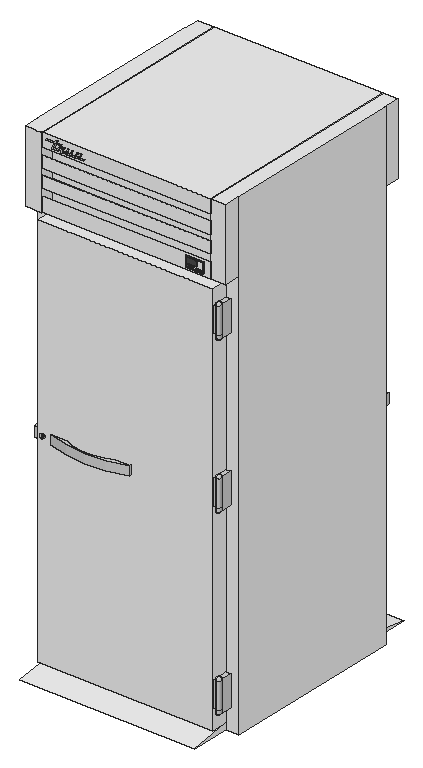
Revit family
Parameters
  Weight in Pounds = 0
  Watts = Volts * FL Amps  # 1023.5 W
  Volts = 115 V
  URL Cutsheet = "www.truemfg.com"
  URL = "www.truemfg.com"
  Type Mark [instance] = ""
  Type Comments = ""
  Status [instance] = ""
  Specification by User [instance] = ""
  Specification by Manufacturer = ""
  Show Logo [instance] = yes
  Show Clearance [instance] = yes
  Serial Number = ""
  Seismic Rating = ""
  SMACNA No = ""
  Revision Code [instance] = ""
  Phase = 1
  Omniclass Number and Title = ""
  Number of Poles [instance] = 1
  NAFEM Spec ID Number = ""
  Model = "STG1RRT-1S-1S"
  Min Ckt Ampacity = 0 A
  Max Overcurrent Protection = 0 A
  Masterspec = ""
  Manufacturer = "TRUE FOOD SERVICE EQUIPMENT, INC."
  Length = 35"
  Item Number [instance] = ""
  Installed By [instance] = ""
  Identify Quantity as Lot [instance] = yes
  Height = 83 3/4"
  HP = "1/3"
  Furnished By [instance] = ""
  Foodservice Equipment Identifier [instance] = yes
  FL Amps = 8.9 A
  Electrical Remarks [instance] = ""
  Electric Connection Type [instance] = ""
  Elec Conn RI Height [instance] = 0"
  Elec Conn Connection Height [instance] = 0"
  Description = "Roll-thru Solid Swing Door Refrigerator"
  Depth = 37 1/2"
  Cycle = 60 Hz
  Conn Plug = "5-15P"
  Conn Conduit = yes
  CSI MasterFormat = ""
  CSI Master Format = ""
  Apparent Power = if(Phase = 3, Volts * FL Amps * 1.73, Volts * FL Amps)  # 1023.5 VA
Reference planes (in)
  plane 1 "BACK": y = 0
  plane 2: z = 0
  plane 3 "LEFT": x = 0
  plane 4 "RIGHT": x = 35
  plane 5 "FRONT": y = -37.5
  plane 6 "TOP": z = 83.75
  plane 7: x = 2.84375
  plane 8: y = -37.4542
  plane 9: x = 32.15625
  plane 10: y = -0.0458
  plane 11: y = -18.75
  plane 12: z = 69.90625
Forms (in)
  Extrusion 1, solid, material "QF_Finishes_Chrome - Satin"
    sketch origin (0.05, 0, 0) x (1, 0, 0) y (0, 1, 0)
      loop
        line (-0.05, -2.75) -> (-0.05, -34.75) -> (2.87859, -34.75) -> (2.87859, -2.75) -> (-0.05, -2.75)
    from 0 to 83.75
  Extrusion 2, solid, material "QF_Finishes_Chrome - Satin"
    sketch origin (50.15, 0, 0) x (1, 0, 0) y (0, 1, 0)
      loop
        line (-17.85, -2.75) -> (-17.85, -34.75) -> (-15.15, -34.75) -> (-15.15, -2.75) -> (-17.85, -2.75)
    from 0 to 83.75
  Extrusion 3, solid, material "QF_Finishes_Chrome - Satin"
    sketch origin (0, 0, 0) x (0, 1, 0) y (0, 0, 1)
      loop
        line (-37.4542, 71.28125) -> (-34.75, 71.28125) -> (-34.75, 0) -> (-2.75, 0) -> (-2.75, 71.28125) -> (-0.0458, 71.28125) -> (-0.0458, 73.81726) -> (-2.25, 72.25) -> (-2.25, 73.52557) -> (-0.0458, 75.09284) -> (-0.0458, 77.18904) -> (-2.25, 75.62178) -> (-2.25, 76.58254) -> (-0.0458, 78.1498) -> (-0.0458, 80.28351) -> (-2.25, 78.71625) -> (-2.25, 79.83852) -> (-0.0458, 81.40578) -> (-0.0458, 83.75) -> (-37.4542, 83.75) -> (-37.4542, 81.40578) -> (-35.25, 79.83852) -> (-35.25, 78.71625) -> (-37.4542, 80.28351) -> (-37.4542, 78.1498) -> (-35.25, 76.58254) -> (-35.25, 75.62178) -> (-37.4542, 77.18904) -> (-37.4542, 75.09284) -> (-35.25, 73.52557) -> (-35.25, 72.25) -> (-37.4542, 73.81726) -> (-37.4542, 71.28125)
    from 2.92859 to 32.3
  Extrusion 4, solid, material "QF_Finishes_Chrome - Satin"
    sketch origin (0, 0, 0) x (1, 0, 0) y (0, 1, 0)
      loop
        line (34.84782, -34.75) -> (32.3, -34.75) -> (32.3, -37.5) -> (34.84782, -37.5) -> (34.84782, -34.75)
      loop
        line (34.84782, -2.75) -> (34.84782, 0) -> (32.3, 0) -> (32.3, -2.75) -> (34.84782, -2.75)
    from 71.28125 to 83.75
  Extrusion 5, solid, material "QF_Finishes_Chrome - Satin"
    sketch origin (-50.125, 0, 0.25) x (1, 0, 0) y (0, 1, 0)
      loop
        line (53.05359, -34.75) -> (50.24109, -34.75) -> (50.24109, -37.5) -> (53.05359, -37.5) -> (53.05359, -34.75)
      loop
        line (53.05359, -2.75) -> (53.05359, 0) -> (50.24109, 0) -> (50.24109, -2.75) -> (53.05359, -2.75)
    from 71.03125 to 83.5
  Extrusion 6, solid, material "QF_Finishes_Chrome - Satin"
    sketch origin (-24.96875, -3.75, -0.71875) x (1, 0, 0) y (0, 0, 1)
      loop
        line (27.25, 1.71875) -> (57.65625, 1.71875) -> (57.65625, 70.625) -> (27.25, 70.625) -> (27.25, 1.71875)
    from 31 to 33.75
  Extrusion 7, solid, material "QF_Finishes_Handrails and Railings"
    sketch origin (58.625, -0.25, 24.93519) x (1, 0, 0) y (0, 1, 0)
      loop
        line (-53.875, -37.25) -> (-53.875, -37.45)
        arc (-53.875, -37.45) -> (-47.075, -38.65633) -> (-40.275, -37.45) r 19.7687
        line (-40.275, -37.45) -> (-40.275, -37.25) -> (-42.675, -37.25)
        arc (-42.675, -37.25) -> (-47.075, -38.40816) -> (-51.475, -37.25) r 8.93713
        line (-51.475, -37.25) -> (-53.875, -37.25)
    from 10.87731 to 12.37731
  Extrusion 8, solid, material "QF_Finishes_Handrails and Railings"
    sketch origin (-23.375, -3.83467, -3.5) x (1, 0, 0) y (0, 0, 1)
      loop
        circle (26.4375, 40.0625) r 0.35
      loop
        line (26.47265, 40.33635) -> (26.41715, 40.33635) -> (26.41715, 39.76895) -> (26.47265, 39.76895) -> (26.47265, 40.33635)
    from 33.5 to 33.83066
  Extrusion 9, solid, material "QF_Finishes_Handrails and Railings", visible <- "Show Logo"
    sketch origin (0.33478, -2.68623, 4.98732) x (1, 0, 0) y (0, 0, 1)
      loop
        line (3.46044, 78.08731) -> (3.35478, 77.86073) -> (4.76027, 77.86073)
        arc (4.76027, 77.86073) -> (4.78879, 77.81028) -> (4.76027, 77.75984) r 0.05887
        line (4.76027, 77.75984) -> (4.39369, 76.97372)
        arc (4.39369, 76.97372) -> (4.39051, 76.90091) -> (4.43975, 76.84717) r 0.09523
        line (4.43975, 76.84717) -> (5.33844, 76.84717)
        arc (5.33844, 76.84717) -> (5.45192, 76.88295) -> (5.52436, 76.97735) r 0.19785
        line (5.52436, 76.97735) -> (5.81285, 77.59601) -> (6.0779, 77.59601)
        arc (6.0779, 77.59601) -> (6.14744, 77.57043) -> (6.13737, 77.49703) r 0.05911
        line (6.13737, 77.49703) -> (5.89598, 76.97937)
        arc (5.89598, 76.97937) -> (5.89974, 76.8934) -> (5.97231, 76.84717) r 0.09318
        line (5.97231, 76.84717) -> (6.76198, 76.84717)
        arc (6.76198, 76.84717) -> (6.82249, 76.86919) -> (6.85468, 76.92495) r 0.09412
        arc (6.85468, 76.92495) -> (6.87746, 76.86995) -> (6.93246, 76.84717) r 0.07778
        line (6.93246, 76.84717) -> (7.43246, 76.84717)
        arc (7.43246, 76.84717) -> (7.49022, 76.86265) -> (7.53251, 76.90493) r 0.11552
        arc (7.53251, 76.90493) -> (7.55275, 76.85606) -> (7.60162, 76.83581) r 0.06912
        line (7.60162, 76.83581) -> (8.31225, 76.83581)
        arc (8.31225, 76.83581) -> (8.37034, 76.85988) -> (8.39441, 76.91797) r 0.08216
        arc (8.39441, 76.91797) -> (8.44767, 76.86472) -> (8.52042, 76.84522) r 0.14551
        line (8.52042, 76.84522) -> (9.85158, 76.84522) -> (9.99946, 77.10134) -> (8.65678, 77.10134)
        arc (8.65678, 77.10134) -> (8.61972, 77.12704) -> (8.61834, 77.17211) r 0.05009
        line (8.61834, 77.17211) -> (8.64157, 77.22192)
        arc (8.64157, 77.22192) -> (8.67723, 77.26864) -> (8.73327, 77.28635) r 0.09747
        line (8.73327, 77.28635) -> (9.16485, 77.28635)
        arc (9.16485, 77.28635) -> (9.258, 77.31131) -> (9.32619, 77.3795) r 0.1863
        line (9.32619, 77.3795) -> (9.45119, 77.59601)
        arc (9.45119, 77.59601) -> (9.45119, 77.71157) -> (9.35111, 77.76934) r 0.11556
        line (9.35111, 77.76934) -> (8.89562, 77.76934)
        arc (8.89562, 77.76934) -> (8.7795, 77.74962) -> (8.69849, 77.66412) r 0.18605
        line (8.69849, 77.66412) -> (8.48204, 77.19993)
        arc (8.48204, 77.19993) -> (8.41815, 77.11667) -> (8.31806, 77.08511) r 0.1745
        line (8.31806, 77.08511) -> (7.84559, 77.08511)
        arc (7.84559, 77.08511) -> (7.78903, 77.14684) -> (7.79268, 77.23048) r 0.10939
        line (7.79268, 77.23048) -> (8.04395, 77.76934) -> (7.88403, 77.76934) -> (7.61781, 77.19844)
        arc (7.61781, 77.19844) -> (7.56609, 77.13103) -> (7.48505, 77.10548) r 0.14128
        line (7.48505, 77.10548) -> (7.15925, 77.10548)
        arc (7.15925, 77.10548) -> (7.10419, 77.17723) -> (7.116, 77.26689) r 0.11816
        line (7.116, 77.26689) -> (7.3503, 77.76934) -> (7.18514, 77.76934) -> (6.91546, 77.191)
        arc (6.91546, 77.191) -> (6.85285, 77.12839) -> (6.76733, 77.10548) r 0.17104
        line (6.76733, 77.10548) -> (6.29555, 77.10548)
        arc (6.29555, 77.10548) -> (6.21082, 77.14499) -> (6.20267, 77.23813) r 0.0935
        line (6.20267, 77.23813) -> (6.35774, 77.57069) -> (6.57695, 77.57069)
        arc (6.57695, 77.57069) -> (6.61395, 77.68217) -> (6.69267, 77.76934) r 0.2857
        line (6.69267, 77.76934) -> (5.83605, 77.76934)
        arc (5.83605, 77.76934) -> (5.74086, 77.74824) -> (5.67498, 77.67635) r 0.16212
        line (5.67498, 77.67635) -> (5.44279, 77.17841)
        arc (5.44279, 77.17841) -> (5.3894, 77.12502) -> (5.31647, 77.10548) r 0.14586
        line (5.31647, 77.10548) -> (4.80506, 77.10548)
        arc (4.80506, 77.10548) -> (4.76514, 77.15942) -> (4.77274, 77.22609) r 0.09155
        line (4.77274, 77.22609) -> (5.11018, 77.86073) -> (5.96155, 77.86073) -> (6.06721, 78.08731) -> (5.21584, 78.08731) -> (5.32149, 78.31388) -> (5.01862, 78.31388) -> (4.91297, 78.08731) -> (3.46044, 78.08731)
      loop
        arc (8.83805, 77.56363) -> (8.80119, 77.55375) -> (8.7742, 77.52676) r 0.07373
        line (8.7742, 77.52676) -> (8.75229, 77.45936)
        arc (8.75229, 77.45936) -> (8.76245, 77.43483) -> (8.78699, 77.42466) r 0.0347
        line (8.78699, 77.42466) -> (9.15948, 77.42466)
        arc (9.15948, 77.42466) -> (9.18632, 77.43061) -> (9.20812, 77.44734) r 0.0635
        line (9.20812, 77.44734) -> (9.22624, 77.53122)
        arc (9.22624, 77.53122) -> (9.22091, 77.55368) -> (9.20009, 77.56363) r 0.02676
        line (9.20009, 77.56363) -> (8.83805, 77.56363)
    from 34.76797 to 34.83173
  Extrusion 10, solid, material "QF_Finishes_White"
    sketch origin (-22.74812, -2.7042, -7.97497) x (1, 0, 0) y (0, 0, 1)
      loop
        line (50.81732, 81.35727) -> (50.81732, 79.60996) -> (53.72357, 79.60996) -> (53.72357, 81.35727) -> (50.81732, 81.35727)
    from 34.75 to 34.76797
  Extrusion 11, solid, material "QF_Finishes_Black"
    sketch origin (-22.74812, -2.7042, -7.97497) x (1, 0, 0) y (0, 0, 1)
      loop
        line (53.78607, 81.41977) -> (50.75482, 81.41977) -> (50.75482, 79.54746) -> (53.78607, 79.54746) -> (53.78607, 81.41977)
      loop
        spline (50.95482, 79.87872) -> (50.96333, 79.86254) -> (50.98831, 79.84747) -> (51.02804, 79.83452) -> (51.07982, 79.82459) -> (51.14011, 79.81835) -> (51.20482, 79.81622) -> (51.26952, 79.81835) -> (51.32982, 79.82459) -> (51.38159, 79.83452) -> (51.42132, 79.84747) -> (51.4463, 79.86254) -> (51.45482, 79.87872)
        spline (51.45482, 79.87872) -> (51.4463, 79.89489) -> (51.42132, 79.90997) -> (51.38159, 79.92291) -> (51.32982, 79.93284) -> (51.26952, 79.93909) -> (51.20482, 79.94122) -> (51.14011, 79.93909) -> (51.07982, 79.93284) -> (51.02804, 79.92291) -> (50.98831, 79.90997) -> (50.96333, 79.89489) -> (50.95482, 79.87872)
      loop
        spline (51.65083, 79.87872) -> (51.65935, 79.86254) -> (51.68432, 79.84747) -> (51.72405, 79.83452) -> (51.77583, 79.82459) -> (51.83612, 79.81835) -> (51.90083, 79.81622) -> (51.96553, 79.81835) -> (52.02583, 79.82459) -> (52.07761, 79.83452) -> (52.11734, 79.84747) -> (52.14231, 79.86254) -> (52.15083, 79.87872)
        spline (52.15083, 79.87872) -> (52.14231, 79.89489) -> (52.11734, 79.90997) -> (52.07761, 79.92291) -> (52.02583, 79.93284) -> (51.96553, 79.93909) -> (51.90083, 79.94122) -> (51.83612, 79.93909) -> (51.77583, 79.93284) -> (51.72405, 79.92291) -> (51.68432, 79.90997) -> (51.65935, 79.89489) -> (51.65083, 79.87872)
      loop
        spline (52.40083, 79.87872) -> (52.40935, 79.86254) -> (52.43432, 79.84747) -> (52.47405, 79.83452) -> (52.52583, 79.82459) -> (52.58612, 79.81835) -> (52.65083, 79.81622) -> (52.71553, 79.81835) -> (52.77583, 79.82459) -> (52.82761, 79.83452) -> (52.86734, 79.84747) -> (52.89231, 79.86254) -> (52.90083, 79.87872)
        spline (52.90083, 79.87872) -> (52.89231, 79.89489) -> (52.86734, 79.90997) -> (52.82761, 79.92291) -> (52.77583, 79.93284) -> (52.71553, 79.93909) -> (52.65083, 79.94122) -> (52.58612, 79.93909) -> (52.52583, 79.93284) -> (52.47405, 79.92291) -> (52.43432, 79.90997) -> (52.40935, 79.89489) -> (52.40083, 79.87872)
      loop
        line (50.95481, 81.21978) -> (50.95481, 80.21978) -> (52.65433, 80.21978) -> (52.65433, 81.21978) -> (50.95481, 81.21978)
      loop
        line (53.72357, 81.35727) -> (50.81732, 81.35727) -> (50.81732, 79.60996) -> (53.72357, 79.60996) -> (53.72357, 81.35727)
      loop
        spline (53.15083, 79.87872) -> (53.15935, 79.86254) -> (53.18432, 79.84747) -> (53.22405, 79.83452) -> (53.27583, 79.82459) -> (53.33612, 79.81835) -> (53.40083, 79.81622) -> (53.46553, 79.81835) -> (53.52583, 79.82459) -> (53.57761, 79.83452) -> (53.61734, 79.84747) -> (53.64231, 79.86254) -> (53.65083, 79.87872)
        spline (53.65083, 79.87872) -> (53.64231, 79.89489) -> (53.61734, 79.90997) -> (53.57761, 79.92291) -> (53.52583, 79.93284) -> (53.46553, 79.93909) -> (53.40083, 79.94122) -> (53.33612, 79.93909) -> (53.27583, 79.93284) -> (53.22405, 79.92291) -> (53.18432, 79.90997) -> (53.15935, 79.89489) -> (53.15083, 79.87872)
    from 34.76797 to 34.80335
  Extrusion 12, solid
    sketch origin (-25.125, 0, 0) x (1, 0, 0) y (0, 0, 1)
      loop
        circle (56.875, 81.625) r 0.25
    from 0 to 0.0625
  Blend 13, solid, material "QF_Finishes_Handrails and Railings"
    base sketch origin (27.53125, -3.75, -1.5) x (-1, 0, 0) y (0, 0, -1)
      loop
        line (25.25, -38.99169) -> (26, -38.99169) -> (26, -37.24169) -> (25.25, -37.24169) -> (25.25, -38.99169)
    top sketch origin (27.53125, 0, -1.5) x (-1, 0, 0) y (0, 0, -1)
      loop
        line (26.18223, -36.6441) -> (25.25, -36.6441) -> (25.25, -39.42643) -> (26.18223, -39.42643) -> (26.18223, -36.6441)
    from 33.57883 to 34.75
  Extrusion 14, solid, material "QF_Finishes_Handrails and Railings"
    sketch origin (33.78125, 0, 3.25) x (0, 1, 0) y (0, 0, -1)
      loop
        line (-34.75, -64.17729) -> (-34.75, -58.86127) -> (-37, -58.86127) -> (-37, -59.57348) -> (-36.56497, -59.57348) -> (-36.56497, -63.97276)
        arc (-36.56497, -63.97276) -> (-36.50506, -64.11738) -> (-36.36044, -64.17729) r 0.20453
        line (-36.36044, -64.17729) -> (-34.75, -64.17729)
    from 0.17506 to 1
  Revolve 15, solid, material "QF_Finishes_Handrails and Railings"
    sketch origin (33.28125, 0, 3.25) x (0, 1, 0) y (0, 0, -1)
      loop
        line (-37.01563, -59.62689) -> (-37.42229, -59.62689) -> (-37.42229, -64.0986)
        arc (-37.42229, -64.0986) -> (-37.28722, -64.35057) -> (-37.01563, -64.43983) r 0.3848
        line (-37.01563, -64.43983) -> (-37.01563, -59.62689)
      loop
        line (-37.01563, -59.57348) -> (-37.01563, -58.67281)
        arc (-37.01563, -58.67281) -> (-37.28264, -58.75883) -> (-37.42229, -59.00212) r 0.38884
        line (-37.42229, -59.00212) -> (-37.42229, -59.57348) -> (-37.01563, -59.57348)
      axis (-37.01563, -58.67281) -> (-37.01563, -64.43983)
    angle from 0 to 360
  Extrusion 16, solid, material "QF_Finishes_Handrails and Railings"
    sketch origin (27.5, -3.82734, 3.2511) x (-1, 0, 0) y (0, 0, -1)
      loop
        line (-5.58509, -64.0986) -> (-5.1875, -64.0986) -> (-5.1875, -59.62579) -> (-5.58509, -59.62579) -> (-5.58509, -64.0986)
    from 32.81497 to 33.59495
  Extrusion 17, solid, material "QF_Finishes_Handrails and Railings"
    sketch origin (33.78125, 0, -24) x (0, 1, 0) y (0, 0, -1)
      loop
        line (-34.75, -64.55229) -> (-34.75, -59.23627) -> (-37, -59.23627) -> (-37, -59.94848) -> (-36.56497, -59.94848) -> (-36.56497, -64.34776)
        arc (-36.56497, -64.34776) -> (-36.50506, -64.49238) -> (-36.36044, -64.55229) r 0.20453
        line (-36.36044, -64.55229) -> (-34.75, -64.55229)
    from 0.17506 to 1
  Revolve 18, solid, material "QF_Finishes_Handrails and Railings"
    sketch origin (33.28125, 0, -24) x (0, 1, 0) y (0, 0, -1)
      loop
        line (-37.01563, -60.00189) -> (-37.42229, -60.00189) -> (-37.42229, -64.4736)
        arc (-37.42229, -64.4736) -> (-37.28722, -64.72557) -> (-37.01563, -64.81483) r 0.3848
        line (-37.01563, -64.81483) -> (-37.01563, -60.00189)
      loop
        line (-37.01563, -59.94848) -> (-37.01563, -59.04781)
        arc (-37.01563, -59.04781) -> (-37.28264, -59.13383) -> (-37.42229, -59.37712) r 0.38884
        line (-37.42229, -59.37712) -> (-37.42229, -59.94848) -> (-37.01563, -59.94848)
      axis (-37.01563, -59.04781) -> (-37.01563, -64.81483)
    angle from 0 to 360
  Extrusion 19, solid, material "QF_Finishes_Handrails and Railings"
    sketch origin (27.5, -3.82734, -23.9989) x (-1, 0, 0) y (0, 0, -1)
      loop
        line (-5.58509, -64.4736) -> (-5.1875, -64.4736) -> (-5.1875, -60.00079) -> (-5.58509, -60.00079) -> (-5.58509, -64.4736)
    from 32.81497 to 33.59495
  Extrusion 20, solid, material "QF_Finishes_Handrails and Railings"
    sketch origin (33.78125, 0, -55.5) x (0, 1, 0) y (0, 0, -1)
      loop
        line (-34.75, -64.55229) -> (-34.75, -59.23627) -> (-37, -59.23627) -> (-37, -59.94848) -> (-36.56497, -59.94848) -> (-36.56497, -64.34776)
        arc (-36.56497, -64.34776) -> (-36.50506, -64.49238) -> (-36.36044, -64.55229) r 0.20453
        line (-36.36044, -64.55229) -> (-34.75, -64.55229)
    from 0.17506 to 1
  Revolve 21, solid, material "QF_Finishes_Handrails and Railings"
    sketch origin (33.28125, 0, -55.5) x (0, 1, 0) y (0, 0, -1)
      loop
        line (-37.01563, -60.00189) -> (-37.42229, -60.00189) -> (-37.42229, -64.4736)
        arc (-37.42229, -64.4736) -> (-37.28722, -64.72557) -> (-37.01563, -64.81483) r 0.3848
        line (-37.01563, -64.81483) -> (-37.01563, -60.00189)
      loop
        line (-37.01563, -59.94848) -> (-37.01563, -59.04781)
        arc (-37.01563, -59.04781) -> (-37.28264, -59.13383) -> (-37.42229, -59.37712) r 0.38884
        line (-37.42229, -59.37712) -> (-37.42229, -59.94848) -> (-37.01563, -59.94848)
      axis (-37.01563, -59.04781) -> (-37.01563, -64.81483)
    angle from 0 to 360
  Extrusion 22, solid, material "QF_Finishes_Handrails and Railings"
    sketch origin (27.5, -3.82734, -55.4989) x (-1, 0, 0) y (0, 0, -1)
      loop
        line (-5.58509, -64.4736) -> (-5.1875, -64.4736) -> (-5.1875, -60.00079) -> (-5.58509, -60.00079) -> (-5.58509, -64.4736)
    from 32.81497 to 33.59495
  Extrusion 23, solid, material "QF_Finishes_Door Clearance", visible <- "Show Clearance", detail levels coarse
    sketch origin (26.42841, -3.6098, 0) x (1, 0, 0) y (0, 1, 0)
      loop
        line (6.32159, -33.8902) -> (-24.14716, -33.8902)
        arc (-24.14716, -33.8902) -> (-15.22307, -55.43486) -> (6.32159, -64.35895) r 30.46875
        line (6.32159, -64.35895) -> (6.32159, -33.8902)
    from 1 to 69.90625
  Extrusion 24, solid, material "QF_Finishes_Chrome - Satin"
    sketch origin (32.6875, -3.75, 8.03125) x (0, 0, 1) y (0, -1, 0)
      loop
        line (-8.03125, 37.6875) -> (-8.03125, 31) -> (-7.03125, 31) -> (-8.03125, 37.6875)
    from 0 to -30.40625
  Extrusion 25, solid, material "QF_Finishes_Chrome - Satin"
    sketch origin (59.96875, -33.75, -0.71875) x (-1, 0, 0) y (0, 0, 1)
      loop
        line (27.25, 1.71875) -> (57.65625, 1.71875) -> (57.65625, 70.625) -> (27.25, 70.625) -> (27.25, 1.71875)
    from 31 to 33.75
  Extrusion 26, solid, material "QF_Finishes_Handrails and Railings"
    sketch origin (-23.625, -37.25, 24.93519) x (-1, 0, 0) y (0, -1, 0)
      loop
        line (-53.875, -37.25) -> (-53.875, -37.45)
        arc (-53.875, -37.45) -> (-47.075, -38.65628) -> (-40.275, -37.45) r 19.76948
        line (-40.275, -37.45) -> (-40.275, -37.25) -> (-42.675, -37.25)
        arc (-42.675, -37.25) -> (-47.075, -38.40816) -> (-51.475, -37.25) r 8.93715
        line (-51.475, -37.25) -> (-53.875, -37.25)
    from 10.87731 to 12.37731
  Extrusion 27, solid, material "QF_Finishes_Handrails and Railings"
    sketch origin (58.375, -33.66533, -3.5) x (-1, 0, 0) y (0, 0, 1)
      loop
        circle (26.4375, 40.0625) r 0.35
      loop
        line (26.47265, 40.33635) -> (26.41715, 40.33635) -> (26.41715, 39.76895) -> (26.47265, 39.76895) -> (26.47265, 40.33635)
    from 33.5 to 33.83066
  Blend 28, solid, material "QF_Finishes_Handrails and Railings"
    base sketch origin (7.46875, -33.75, -1.5) x (1, 0, 0) y (0, 0, -1)
      loop
        line (25.25, -38.99169) -> (26, -38.99169) -> (26, -37.24169) -> (25.25, -37.24169) -> (25.25, -38.99169)
    top sketch origin (7.46875, -37.5, -1.5) x (1, 0, 0) y (0, 0, -1)
      loop
        line (26.18223, -36.6441) -> (25.25, -36.6441) -> (25.25, -39.42643) -> (26.18223, -39.42643) -> (26.18223, -36.6441)
    from 33.57883 to 34.75
  Extrusion 29, solid, material "QF_Finishes_Handrails and Railings"
    sketch origin (1.21875, -37.5, 3.25) x (0, -1, 0) y (0, 0, -1)
      loop
        line (-34.75, -64.17729) -> (-34.75, -58.86127) -> (-37, -58.86127) -> (-37, -59.57348) -> (-36.56497, -59.57348) -> (-36.56497, -63.97276)
        arc (-36.56497, -63.97276) -> (-36.50506, -64.11738) -> (-36.36044, -64.17729) r 0.20453
        line (-36.36044, -64.17729) -> (-34.75, -64.17729)
    from 0.17506 to 1
  Revolve 30, solid, material "QF_Finishes_Handrails and Railings"
    sketch origin (1.71875, -37.5, 3.25) x (0, -1, 0) y (0, 0, -1)
      loop
        line (-37.01563, -59.62689) -> (-37.42229, -59.62689) -> (-37.42229, -64.0986)
        arc (-37.42229, -64.0986) -> (-37.28722, -64.35057) -> (-37.01563, -64.43983) r 0.3848
        line (-37.01563, -64.43983) -> (-37.01563, -59.62689)
      loop
        line (-37.01563, -59.57348) -> (-37.01563, -58.67281)
        arc (-37.01563, -58.67281) -> (-37.28264, -58.75883) -> (-37.42229, -59.00212) r 0.38884
        line (-37.42229, -59.00212) -> (-37.42229, -59.57348) -> (-37.01563, -59.57348)
      axis (-37.01563, -58.67281) -> (-37.01563, -64.43983)
    angle from 0 to 360
  Extrusion 31, solid, material "QF_Finishes_Handrails and Railings"
    sketch origin (7.5, -33.67266, 3.2511) x (1, 0, 0) y (0, 0, -1)
      loop
        line (-5.58509, -64.0986) -> (-5.1875, -64.0986) -> (-5.1875, -59.62579) -> (-5.58509, -59.62579) -> (-5.58509, -64.0986)
    from 32.81497 to 33.59495
  Extrusion 32, solid, material "QF_Finishes_Handrails and Railings"
    sketch origin (1.21875, -37.5, -24) x (0, -1, 0) y (0, 0, -1)
      loop
        line (-34.75, -64.55229) -> (-34.75, -59.23627) -> (-37, -59.23627) -> (-37, -59.94848) -> (-36.56497, -59.94848) -> (-36.56497, -64.34776)
        arc (-36.56497, -64.34776) -> (-36.50506, -64.49238) -> (-36.36044, -64.55229) r 0.20453
        line (-36.36044, -64.55229) -> (-34.75, -64.55229)
    from 0.17506 to 1
  Revolve 33, solid, material "QF_Finishes_Handrails and Railings"
    sketch origin (1.71875, -37.5, -24) x (0, -1, 0) y (0, 0, -1)
      loop
        line (-37.01563, -60.00189) -> (-37.42229, -60.00189) -> (-37.42229, -64.4736)
        arc (-37.42229, -64.4736) -> (-37.28722, -64.72557) -> (-37.01563, -64.81483) r 0.3848
        line (-37.01563, -64.81483) -> (-37.01563, -60.00189)
      loop
        line (-37.01563, -59.94848) -> (-37.01563, -59.04781)
        arc (-37.01563, -59.04781) -> (-37.28264, -59.13383) -> (-37.42229, -59.37712) r 0.38884
        line (-37.42229, -59.37712) -> (-37.42229, -59.94848) -> (-37.01563, -59.94848)
      axis (-37.01563, -59.04781) -> (-37.01563, -64.81483)
    angle from 0 to 360
  Extrusion 34, solid, material "QF_Finishes_Handrails and Railings"
    sketch origin (7.5, -33.67266, -23.9989) x (1, 0, 0) y (0, 0, -1)
      loop
        line (-5.58509, -64.4736) -> (-5.1875, -64.4736) -> (-5.1875, -60.00079) -> (-5.58509, -60.00079) -> (-5.58509, -64.4736)
    from 32.81497 to 33.59495
  Extrusion 35, solid, material "QF_Finishes_Handrails and Railings"
    sketch origin (1.21875, -37.5, -55.5) x (0, -1, 0) y (0, 0, -1)
      loop
        line (-34.75, -64.55229) -> (-34.75, -59.23627) -> (-37, -59.23627) -> (-37, -59.94848) -> (-36.56497, -59.94848) -> (-36.56497, -64.34776)
        arc (-36.56497, -64.34776) -> (-36.50506, -64.49238) -> (-36.36044, -64.55229) r 0.20453
        line (-36.36044, -64.55229) -> (-34.75, -64.55229)
    from 0.17506 to 1
  Revolve 36, solid, material "QF_Finishes_Handrails and Railings"
    sketch origin (1.71875, -37.5, -55.5) x (0, -1, 0) y (0, 0, -1)
      loop
        line (-37.01563, -60.00189) -> (-37.42229, -60.00189) -> (-37.42229, -64.4736)
        arc (-37.42229, -64.4736) -> (-37.28722, -64.72557) -> (-37.01563, -64.81483) r 0.3848
        line (-37.01563, -64.81483) -> (-37.01563, -60.00189)
      loop
        line (-37.01563, -59.94848) -> (-37.01563, -59.04781)
        arc (-37.01563, -59.04781) -> (-37.28264, -59.13383) -> (-37.42229, -59.37712) r 0.38884
        line (-37.42229, -59.37712) -> (-37.42229, -59.94848) -> (-37.01563, -59.94848)
      axis (-37.01563, -59.04781) -> (-37.01563, -64.81483)
    angle from 0 to 360
  Extrusion 37, solid, material "QF_Finishes_Handrails and Railings"
    sketch origin (7.5, -33.67266, -55.4989) x (1, 0, 0) y (0, 0, -1)
      loop
        line (-5.58509, -64.4736) -> (-5.1875, -64.4736) -> (-5.1875, -60.00079) -> (-5.58509, -60.00079) -> (-5.58509, -64.4736)
    from 32.81497 to 33.59495
  Extrusion 38, solid, material "QF_Finishes_Door Clearance", visible <- "Show Clearance", detail levels coarse
    sketch origin (8.57159, -33.8902, 0) x (-1, 0, 0) y (0, -1, 0)
      loop
        line (6.32159, -33.8902) -> (-24.14716, -33.8902)
        arc (-24.14716, -33.8902) -> (-15.22307, -55.43486) -> (6.32159, -64.35895) r 30.46875
        line (6.32159, -64.35895) -> (6.32159, -33.8902)
    from 1 to 69.90625
  Extrusion 39, solid, material "QF_Finishes_Chrome - Satin"
    sketch origin (2.3125, -33.75, 8.03125) x (0, 0, 1) y (0, 1, 0)
      loop
        line (-8.03125, 37.6875) -> (-8.03125, 31) -> (-7.03125, 31) -> (-8.03125, 37.6875)
    from 0 to -30.40625
Cuts and joins
  joined: Extrusion 1, Extrusion 2, Extrusion 4, Extrusion 5
Lines and regions (in)
  symbolic lines
    curve 1: line (0, 0, 0) -> (35, 0, 0)
    curve 2: line (0, -37.5, 0) -> (0, 0, 0)
    curve 3: line (35, -37.5, 0) -> (0, -37.5, 0)
    curve 4: line (35, 0, 0) -> (35, -37.5, 0)
    curve 5: line (35, -35.25, 0) -> (0, -35.25, 0)
    curve 6: arc (15.95746, -37.5, 0) -> (11.55746, -38.65816, 0) -> (7.15746, -37.5, 0) r 8.93715
    curve 7: line (4.75746, -37.5, 0) -> (4.75746, -37.70273, 0)
    curve 8: line (18.35746, -37.69726, 0) -> (18.35746, -37.5, 0)
    curve 13: line (16.65, 0.2, 0) -> (16.65, 0, 0)
    curve 14: line (30.25, 0, 0) -> (30.25, 0.2, 0)
    curve 15: arc (19.05, 0, 0) -> (23.45, 1.15816, 0) -> (27.85, 0, 0) r 8.93715
    curve 16: arc (4.75746, -37.70273, 0) -> (11.55795, -38.90633, 0) -> (18.35746, -37.69726, 0) r 19.7687
    curve 17: arc (30.25, 0.2, 0) -> (23.45, 1.40628, 0) -> (16.65, 0.2, 0) r 19.76948
    curve 18: line (35, -2.25, 0) -> (0, -2.25, 0)
  symbolic lines, style "QF-Door Swings", visible <- "Show Clearance", detail levels coarse
    curve 9: line (32.75, -37.5, 0) -> (32.75, -67.96875, 0)
    curve 10: arc (32.75, -67.96875, 0) -> (11.20534, -59.04466, 0) -> (2.28125, -37.5, 0) r 30.46875
    curve 11: line (2.25, 0, 0) -> (2.25, 30.46875, 0)
    curve 12: arc (2.25, 30.46875, 0) -> (23.79466, 21.54466, 0) -> (32.71875, 0, 0) r 30.46875
Dimensions and locks (in)
  "Depth": plane 5 "FRONT" to plane 1 "BACK"
  plane 6 "TOP" to level = 83 3/4"  (x2)
  Extrusion 6 sketch curve to Extrusion 6 sketch curve = 30 13/32"
  Extrusion 6 to plane 1 "BACK" = 37 1/2"
  "Length": plane 3 "LEFT" to plane 4 "RIGHT"
  plane 4 "RIGHT" to plane 3 "LEFT" = 35"
  plane 5 "FRONT" to plane 1 "BACK" = 37 1/2"
  Extrusion 25 sketch curve to Extrusion 25 sketch curve = 30 13/32"
  plane 12 to level = 69 29/32"
  aligned and locked: level to plane 2
Automatic sketch dimensions
  Extrusion 39 sketch curve to Extrusion 25 = 0"
  Extrusion 39 sketch curve to Extrusion 39 sketch curve = 1"
  Extrusion 39 sketch curve to Extrusion 25 = 3 15/16"
  Extrusion 1 sketch curve to plane 3 "LEFT" = 0"
  plane 1 "BACK" to Extrusion 1 sketch curve = 2 3/4"
  plane 7 to Extrusion 1 sketch curve = 0.08484"
  Extrusion 1 sketch curve to plane 5 "FRONT" = 2 3/4"
  plane 1 "BACK" to Extrusion 2 sketch curve = 2 3/4"
  Extrusion 2 sketch curve to plane 4 "RIGHT" = 0"
  Extrusion 2 sketch curve to plane 9 = 0.14375"
  Extrusion 2 sketch curve to plane 5 "FRONT" = 2 3/4"
  Extrusion 3 sketch curve to plane 8 = 0"  (x4)
  Extrusion 3 sketch curve to level = 0"
  Extrusion 3 sketch curve to plane 10 = 0"  (x4)
  Extrusion 3 sketch curve to plane 6 "TOP" = 0"
  plane 8 to Extrusion 3 sketch curve = 2.2042"
  Extrusion 3 sketch curve to Extrusion 3 sketch curve = 0"  (x3)
  plane 8 to Extrusion 3 sketch curve = 2.7042"
  Extrusion 3 sketch curve to Extrusion 3 sketch curve = 2.7042"
  plane 10 to Extrusion 3 sketch curve = 2.2042"
  Extrusion 3 sketch curve to Extrusion 3 sketch curve = 1/2"
  Extrusion 3 sketch curve to plane 6 "TOP" = 12 15/32"  (x2)
  Extrusion 3 sketch curve to Extrusion 3 sketch curve = 31/32"  (x2)
  Extrusion 3 sketch curve to Extrusion 3 sketch curve = 1.27557"  (x4)
  Extrusion 3 sketch curve to Extrusion 3 sketch curve = 0.29169"  (x2)
  Extrusion 3 sketch curve to Extrusion 3 sketch curve = 2.0962"  (x4)
  Extrusion 3 sketch curve to Extrusion 3 sketch curve = 0.96076"  (x4)
  Extrusion 3 sketch curve to Extrusion 3 sketch curve = 2.13371"  (x4)
  Extrusion 3 sketch curve to Extrusion 3 sketch curve = 1.12227"  (x4)
  Extrusion 6 sketch curve to plane 7 = 9/16"
  level to Extrusion 6 sketch curve = 1"
  Extrusion 6 sketch curve to plane 6 "TOP" = 13 27/32"
  plane 7 to Extrusion 8 sketch curve = 0.1984"
  plane 7 to Extrusion 8 sketch curve = 7/32"
  Extrusion 8 sketch curve to Extrusion 8 sketch curve = 0.0555"
  level to Extrusion 8 sketch curve = 36.26895"
  Extrusion 8 sketch curve to Extrusion 8 sketch curve = 0.29355"
  Extrusion 8 sketch curve to Extrusion 8 sketch curve = 0.27385"
  plane 7 to Extrusion 9 sketch curve = 0.84582"
  Extrusion 9 sketch curve to Extrusion 9 sketch curve = 0.10565"  (x5)
  Extrusion 9 sketch curve to Extrusion 9 sketch curve = 1.03891"
  Extrusion 9 sketch curve to Extrusion 9 sketch curve = 0.04606"
  Extrusion 9 sketch curve to Extrusion 9 sketch curve = 0.08631"
  Extrusion 9 sketch curve to Extrusion 9 sketch curve = 0.33624"
  Extrusion 9 sketch curve to Extrusion 9 sketch curve = 0.03034"  (x2)
  Extrusion 9 sketch curve to Extrusion 9 sketch curve = 0.29274"
  Extrusion 9 sketch curve to Extrusion 9 sketch curve = 0.03232"
  Extrusion 9 sketch curve to Extrusion 9 sketch curve = 0.04851"
  Extrusion 9 sketch curve to plane 6 "TOP" = 0.67537"
  Extrusion 9 sketch curve to Extrusion 9 sketch curve = 0.1527"
  Extrusion 9 sketch curve to plane 6 "TOP" = 0.4488"
  Extrusion 9 sketch curve to Extrusion 9 sketch curve = 0.19721"
  Extrusion 9 sketch curve to Extrusion 9 sketch curve = 0.4629"
  Extrusion 9 sketch curve to Extrusion 9 sketch curve = 0.02197"
  Extrusion 9 sketch curve to Extrusion 9 sketch curve = 0.12632"
  Extrusion 9 sketch curve to Extrusion 9 sketch curve = 0.18591"
  Extrusion 9 sketch curve to plane 6 "TOP" = 1.08633"
  Extrusion 9 sketch curve to Extrusion 9 sketch curve = 0.2322"
  Extrusion 9 sketch curve to Extrusion 9 sketch curve = 0.13786"
  Extrusion 9 sketch curve to Extrusion 9 sketch curve = 0.00907"
  Extrusion 9 sketch curve to Extrusion 9 sketch curve = 0.01413"
  Extrusion 9 sketch curve to Extrusion 9 sketch curve = 0.37162"
  Extrusion 9 sketch curve to plane 6 "TOP" = 0.90195"
  Extrusion 9 sketch curve to Extrusion 9 sketch curve = 0.12551"
  Extrusion 9 sketch curve to Extrusion 9 sketch curve = 0.07633"
  Extrusion 9 sketch curve to Extrusion 9 sketch curve = 0.08445"
  Extrusion 9 sketch curve to Extrusion 9 sketch curve = 0.25598"
  Extrusion 9 sketch curve to Extrusion 9 sketch curve = 0.01887"
  Extrusion 9 sketch curve to Extrusion 9 sketch curve = 0.04061"
  Extrusion 9 sketch curve to plane 6 "TOP" = 1.52455"
  Extrusion 9 sketch curve to Extrusion 9 sketch curve = 0.0653"
  Extrusion 9 sketch curve to Extrusion 9 sketch curve = 0.08474"
  Extrusion 9 sketch curve to Extrusion 9 sketch curve = 0.00815"
  Extrusion 9 sketch curve to Extrusion 9 sketch curve = 0.22037"
  Extrusion 9 sketch curve to Extrusion 9 sketch curve = 0.21921"
  Extrusion 9 sketch curve to Extrusion 9 sketch curve = 0.11572"
  Extrusion 9 sketch curve to Extrusion 9 sketch curve = 0.46643"
  Extrusion 9 sketch curve to Extrusion 9 sketch curve = 0.00535"
  Extrusion 9 sketch curve to Extrusion 9 sketch curve = 0.09269"
  Extrusion 9 sketch curve to Extrusion 9 sketch curve = 0.09348"
  Extrusion 9 sketch curve to Extrusion 9 sketch curve = 0.14812"
  Extrusion 9 sketch curve to Extrusion 9 sketch curve = 0.07778"
  Extrusion 9 sketch curve to Extrusion 9 sketch curve = 0.20054"
  Extrusion 9 sketch curve to Extrusion 9 sketch curve = 0.04325"
  Extrusion 9 sketch curve to plane 6 "TOP" = 0.99334"  (x2)
  Extrusion 9 sketch curve to Extrusion 9 sketch curve = 0.32433"
  Extrusion 9 sketch curve to Extrusion 9 sketch curve = 0.10233"  (x2)
  Extrusion 9 sketch curve to Extrusion 9 sketch curve = 0.16515"
  Extrusion 9 sketch curve to Extrusion 9 sketch curve = 0.27321"
  Extrusion 9 sketch curve to Extrusion 9 sketch curve = 0.0526"
  Extrusion 9 sketch curve to Extrusion 9 sketch curve = 0.10005"
  Extrusion 9 sketch curve to Extrusion 9 sketch curve = 0.06912"
  Extrusion 9 sketch curve to Extrusion 9 sketch curve = 0.13276"
  Extrusion 9 sketch curve to plane 6 "TOP" = 1.5322"
  Extrusion 9 sketch curve to Extrusion 9 sketch curve = 0.17486"
  Extrusion 9 sketch curve to Extrusion 9 sketch curve = 0.05291"
  Extrusion 9 sketch curve to Extrusion 9 sketch curve = 0.53374"
  Extrusion 9 sketch curve to Extrusion 9 sketch curve = 0.09914"
  Extrusion 9 sketch curve to Extrusion 9 sketch curve = 0.15992"
  Extrusion 9 sketch curve to Extrusion 9 sketch curve = 0.46666"
  Extrusion 9 sketch curve to Extrusion 9 sketch curve = 0.00582"
  Extrusion 9 sketch curve to Extrusion 9 sketch curve = 0.08216"
  Extrusion 9 sketch curve to Extrusion 9 sketch curve = 0.16397"
  Extrusion 9 sketch curve to Extrusion 9 sketch curve = 0.12601"
  Extrusion 9 sketch curve to plane 6 "TOP" = 1.59057"
  Extrusion 9 sketch curve to Extrusion 9 sketch curve = 0.1363"
  Extrusion 9 sketch curve to plane 6 "TOP" = 1.54076"
  Extrusion 9 sketch curve to Extrusion 9 sketch curve = 0.02323"
  Extrusion 9 sketch curve to Extrusion 9 sketch curve = 0.03844"
  Extrusion 9 sketch curve to Extrusion 9 sketch curve = 0.0454"
  Extrusion 9 sketch curve to Extrusion 9 sketch curve = 0.05693"
  Extrusion 9 sketch curve to Extrusion 9 sketch curve = 0.0917"
  Extrusion 9 sketch curve to Extrusion 9 sketch curve = 0.01902"
  Extrusion 9 sketch curve to Extrusion 9 sketch curve = 0.02191"
  Extrusion 9 sketch curve to Extrusion 9 sketch curve = 0.0347"
  Extrusion 9 sketch curve to Extrusion 9 sketch curve = 0.06385"
  Extrusion 9 sketch curve to Extrusion 9 sketch curve = 0.02906"
  Extrusion 9 sketch curve to Extrusion 9 sketch curve = 0.02851"
  Extrusion 9 sketch curve to Extrusion 9 sketch curve = 0.29237"
  Extrusion 9 sketch curve to Extrusion 9 sketch curve = 0.00537"
  Extrusion 9 sketch curve to Extrusion 9 sketch curve = 0.0406"
  Extrusion 9 sketch curve to plane 6 "TOP" = 1.31534"
  Extrusion 9 sketch curve to Extrusion 9 sketch curve = 0.04327"
  Extrusion 9 sketch curve to Extrusion 9 sketch curve = 0.02615"
  Extrusion 9 sketch curve to plane 6 "TOP" = 1.38318"
  Extrusion 9 sketch curve to Extrusion 9 sketch curve = 0.11806"
  Extrusion 9 sketch curve to Extrusion 9 sketch curve = 0.15103"
  Extrusion 9 sketch curve to Extrusion 9 sketch curve = 0.10007"
  Extrusion 9 sketch curve to Extrusion 9 sketch curve = 0.5254"
  Extrusion 9 sketch curve to plane 6 "TOP" = 1.66134"
  Extrusion 9 sketch curve to Extrusion 9 sketch curve = 0.14787"
  Extrusion 9 sketch curve to Extrusion 9 sketch curve = 0.14537"
  Extrusion 9 sketch curve to Extrusion 9 sketch curve = 0.63134"
  Extrusion 9 sketch curve to Extrusion 9 sketch curve = 0.11061"
  Extrusion 9 sketch curve to Extrusion 9 sketch curve = 0.25876"
  Extrusion 9 sketch curve to Extrusion 9 sketch curve = 0.06767"
  Extrusion 9 sketch curve to Extrusion 9 sketch curve = 0.12655"
  Extrusion 9 sketch curve to Extrusion 9 sketch curve = 0.12242"
  Extrusion 9 sketch curve to Extrusion 9 sketch curve = 0.29684"
  Extrusion 9 sketch curve to Extrusion 9 sketch curve = 0.03938"
  Extrusion 9 sketch curve to Extrusion 9 sketch curve = 0.06046"
  Extrusion 9 sketch curve to Extrusion 9 sketch curve = 0.13266"
  Extrusion 9 sketch curve to Extrusion 9 sketch curve = 0.14279"
  Extrusion 9 sketch curve to Extrusion 9 sketch curve = 0.07293"
  Extrusion 9 sketch curve to Extrusion 9 sketch curve = 0.07764"
  Extrusion 9 sketch curve to Extrusion 9 sketch curve = 0.03794"
  Extrusion 9 sketch curve to Extrusion 9 sketch curve = 0.08552"
  Extrusion 9 sketch curve to Extrusion 9 sketch curve = 0.09296"
  Extrusion 9 sketch curve to Extrusion 9 sketch curve = 0.02781"
  Extrusion 9 sketch curve to Extrusion 9 sketch curve = 0.04799"
  Extrusion 9 sketch curve to Extrusion 9 sketch curve = 0.03054"
  Extrusion 9 sketch curve to Extrusion 9 sketch curve = 0.2589"
  Extrusion 9 sketch curve to Extrusion 9 sketch curve = 0.0674"
  Extrusion 9 sketch curve to Extrusion 9 sketch curve = 0.0324"
  Extrusion 9 sketch curve to Extrusion 9 sketch curve = 0.26185"
  Extrusion 9 sketch curve to Extrusion 9 sketch curve = 11/256"
  Extrusion 9 sketch curve to Extrusion 9 sketch curve = 0.07366"
  Extrusion 9 sketch curve to Extrusion 9 sketch curve = 0.02187"
  Extrusion 9 sketch curve to Extrusion 9 sketch curve = 0.06479"
  Extrusion 9 sketch curve to Extrusion 9 sketch curve = 0.05778"
  Extrusion 9 sketch curve to Extrusion 9 sketch curve = 0.32747"
  Extrusion 9 sketch curve to Extrusion 9 sketch curve = 0.05045"
  Extrusion 9 sketch curve to Extrusion 9 sketch curve = 29/128"
  plane 9 to Extrusion 10 sketch curve = 4.08705"
  plane 9 to Extrusion 10 sketch curve = 1.1808"
  Extrusion 10 sketch curve to plane 6 "TOP" = 12.11501"
  Extrusion 10 sketch curve to Extrusion 10 sketch curve = 1.74732"
  plane 9 to Extrusion 11 sketch curve = 4.14955"
  Extrusion 11 sketch curve to Extrusion 11 sketch curve = 1/16"  (x4)
  Extrusion 11 sketch curve to Extrusion 11 sketch curve = 0.1375"  (x3)
  Extrusion 11 sketch curve to Extrusion 11 sketch curve = 1/4"  (x4)
  Extrusion 11 sketch curve to Extrusion 11 sketch curve = 0.44601"
  Extrusion 11 sketch curve to Extrusion 11 sketch curve = 1/2"  (x2)
  Extrusion 11 sketch curve to Extrusion 11 sketch curve = 0.0035"
  Extrusion 11 sketch curve to Extrusion 11 sketch curve = 1.06923"
  Extrusion 11 sketch curve to plane 6 "TOP" = 12.17751"
  Extrusion 11 sketch curve to Extrusion 11 sketch curve = 0.26876"  (x2)
  Extrusion 11 sketch curve to Extrusion 11 sketch curve = 0"  (x2)
  Extrusion 11 sketch curve to Extrusion 11 sketch curve = 0.34106"
  Extrusion 11 sketch curve to Extrusion 11 sketch curve = 1"
  plane 9 to Extrusion 12 sketch curve = 13/32"
  Extrusion 12 sketch curve to plane 6 "TOP" = 2 1/8"
  Blend 13 sketch curve to plane 7 = 9/16"
  Blend 13 sketch curve to Blend 13 sketch curve = 3/4"
  level to Blend 13 sketch curve = 37.49169"
  Blend 13 sketch curve to Blend 13 sketch curve = 1 3/4"
  plane 7 to Blend 13 sketch curve = 9/16"
  Blend 13 sketch curve to Blend 13 sketch curve = 0.93223"
  Blend 13 sketch curve to level = 35.1441"
  Blend 13 sketch curve to Blend 13 sketch curve = 2.78233"
  Extrusion 14 sketch curve to plane 5 "FRONT" = 1/2"
  Extrusion 14 sketch curve to Extrusion 14 sketch curve = 0.43503"
  Extrusion 14 sketch curve to Extrusion 14 sketch curve = 0.20453"
  Extrusion 14 sketch curve to Extrusion 14 sketch curve = 1.61044"
  Extrusion 14 sketch curve to plane 6 "TOP" = 16.32271"
  Extrusion 14 sketch curve to Extrusion 14 sketch curve = 4.39928"
  Extrusion 14 sketch curve to Extrusion 14 sketch curve = 0.71221"
  Revolve 15 sketch curve to plane 5 "FRONT" = 0.07771"  (x2)
  Revolve 15 sketch curve to Revolve 15 sketch curve = 0.38242"
  Revolve 15 sketch curve to Revolve 15 sketch curve = 0.38436"
  Revolve 15 sketch curve to plane 5 "FRONT" = 31/64"
  Revolve 15 sketch curve to Revolve 15 sketch curve = 0.40666"
  Revolve 15 sketch curve to Revolve 15 sketch curve = 0"
  Revolve 15 sketch curve to plane 6 "TOP" = 15.50492"
  Revolve 15 sketch curve to Revolve 15 sketch curve = 0.55526"
  Revolve 15 sketch curve to Revolve 15 sketch curve = 0.19474"
  Revolve 15 sketch curve to Revolve 15 sketch curve = 0.14649"
  Revolve 15 sketch curve to Revolve 15 sketch curve = 4.42889"
  Revolve 15 sketch curve to Revolve 15 sketch curve = 0.05342"
  Revolve 15 sketch curve to Revolve 15 sketch curve = 0.51246"
  Revolve 15 sketch curve to Revolve 15 sketch curve = 0.05889"
  Extrusion 16 sketch curve to plane 9 = 0.92884"
  Extrusion 16 sketch curve to Extrusion 16 sketch curve = 0.39759"
  Extrusion 16 sketch curve to plane 6 "TOP" = 16.4003"
  Extrusion 16 sketch curve to Extrusion 16 sketch curve = 4.47281"
  Extrusion 17 sketch curve to plane 5 "FRONT" = 1/2"
  Extrusion 17 sketch curve to Extrusion 17 sketch curve = 0.43503"
  Extrusion 17 sketch curve to Extrusion 17 sketch curve = 0.20453"
  Extrusion 17 sketch curve to Extrusion 17 sketch curve = 1.61044"
  level to Extrusion 17 sketch curve = 40.55229"
  Extrusion 17 sketch curve to Extrusion 17 sketch curve = 4.39928"
  Extrusion 17 sketch curve to Extrusion 17 sketch curve = 0.71221"
  Revolve 18 sketch curve to plane 5 "FRONT" = 0.07771"  (x2)
  Revolve 18 sketch curve to Revolve 18 sketch curve = 0.38242"
  Revolve 18 sketch curve to Revolve 18 sketch curve = 0.38436"
  Revolve 18 sketch curve to plane 5 "FRONT" = 31/64"
  Revolve 18 sketch curve to Revolve 18 sketch curve = 0.40666"
  Revolve 18 sketch curve to Revolve 18 sketch curve = 0"
  level to Revolve 18 sketch curve = 41.37008"
  Revolve 18 sketch curve to Revolve 18 sketch curve = 0.55526"
  Revolve 18 sketch curve to Revolve 18 sketch curve = 0.19474"
  Revolve 18 sketch curve to Revolve 18 sketch curve = 0.14649"
  Revolve 18 sketch curve to Revolve 18 sketch curve = 4.42889"
  Revolve 18 sketch curve to Revolve 18 sketch curve = 0.05342"
  Revolve 18 sketch curve to Revolve 18 sketch curve = 0.51246"
  Revolve 18 sketch curve to Revolve 18 sketch curve = 0.05889"
  Extrusion 19 sketch curve to plane 9 = 0.92884"
  Extrusion 19 sketch curve to Extrusion 19 sketch curve = 0.39759"
  level to Extrusion 19 sketch curve = 40.4747"
  Extrusion 19 sketch curve to Extrusion 19 sketch curve = 4.47281"
  Extrusion 20 sketch curve to plane 5 "FRONT" = 1/2"
  Extrusion 20 sketch curve to Extrusion 20 sketch curve = 0.43503"
  Extrusion 20 sketch curve to Extrusion 20 sketch curve = 0.20453"
  Extrusion 20 sketch curve to Extrusion 20 sketch curve = 1.61044"
  level to Extrusion 20 sketch curve = 9.05229"
  Extrusion 20 sketch curve to Extrusion 20 sketch curve = 4.39928"
  Extrusion 20 sketch curve to Extrusion 20 sketch curve = 0.71221"
  Revolve 21 sketch curve to plane 5 "FRONT" = 0.07771"  (x2)
  Revolve 21 sketch curve to Revolve 21 sketch curve = 0.38242"
  Revolve 21 sketch curve to Revolve 21 sketch curve = 0.38436"
  Revolve 21 sketch curve to plane 5 "FRONT" = 31/64"
  Revolve 21 sketch curve to Revolve 21 sketch curve = 0.40666"
  Revolve 21 sketch curve to Revolve 21 sketch curve = 0"
  level to Revolve 21 sketch curve = 9.87008"
  Revolve 21 sketch curve to Revolve 21 sketch curve = 0.55526"
  Revolve 21 sketch curve to Revolve 21 sketch curve = 0.19474"
  Revolve 21 sketch curve to Revolve 21 sketch curve = 0.14649"
  Revolve 21 sketch curve to Revolve 21 sketch curve = 4.42889"
  Revolve 21 sketch curve to Revolve 21 sketch curve = 0.05342"
  Revolve 21 sketch curve to Revolve 21 sketch curve = 0.51246"
  Revolve 21 sketch curve to Revolve 21 sketch curve = 0.05889"
  Extrusion 22 sketch curve to plane 9 = 0.92884"
  Extrusion 22 sketch curve to Extrusion 22 sketch curve = 0.39759"
  level to Extrusion 22 sketch curve = 8.9747"
  Extrusion 22 sketch curve to Extrusion 22 sketch curve = 4.47281"
  plane 5 "FRONT" to Extrusion 23 sketch curve = 0"
  Extrusion 23 sketch curve to plane 7 = 9/16"
  Extrusion 23 sketch curve to plane 9 = 19/32"
  Extrusion 24 sketch curve to Extrusion 6 = 0"
  Extrusion 6 to Extrusion 24 sketch curve = 0"
  Extrusion 6 to Extrusion 24 sketch curve = 1"
  Extrusion 24 sketch curve to Extrusion 6 = 3 15/16"
  Extrusion 25 sketch curve to plane 9 = 9/16"
  level to Extrusion 25 sketch curve = 1"
  Extrusion 25 sketch curve to plane 6 "TOP" = 13 27/32"
  plane 9 to Extrusion 27 sketch curve = 0.1984"
  plane 9 to Extrusion 27 sketch curve = 7/32"
  Extrusion 27 sketch curve to Extrusion 27 sketch curve = 0.0555"
  level to Extrusion 27 sketch curve = 36.26895"
  Extrusion 27 sketch curve to Extrusion 27 sketch curve = 0.29355"
  Extrusion 27 sketch curve to Extrusion 27 sketch curve = 0.27385"
  Blend 28 sketch curve to plane 9 = 9/16"  (x2)
  Blend 28 sketch curve to Blend 28 sketch curve = 3/4"
  level to Blend 28 sketch curve = 37.49169"
  Blend 28 sketch curve to Blend 28 sketch curve = 1 3/4"
  Blend 28 sketch curve to Blend 28 sketch curve = 0.93223"
  level to Blend 28 sketch curve = 37.92643"
  Blend 28 sketch curve to Blend 28 sketch curve = 2.78233"
  plane 1 "BACK" to Extrusion 29 sketch curve = 1/2"
  Extrusion 29 sketch curve to Extrusion 29 sketch curve = 0.43503"
  Extrusion 29 sketch curve to Extrusion 29 sketch curve = 0.20453"
  Extrusion 29 sketch curve to Extrusion 29 sketch curve = 1.61044"
  Extrusion 29 sketch curve to plane 6 "TOP" = 16.32271"
  Extrusion 29 sketch curve to Extrusion 29 sketch curve = 4.39928"
  Extrusion 29 sketch curve to Extrusion 29 sketch curve = 0.71221"
  plane 1 "BACK" to Revolve 30 sketch curve = 0.07771"  (x2)
  Revolve 30 sketch curve to Revolve 30 sketch curve = 0.38242"
  Revolve 30 sketch curve to Revolve 30 sketch curve = 0.38436"
  plane 1 "BACK" to Revolve 30 sketch curve = 31/64"
  Revolve 30 sketch curve to Revolve 30 sketch curve = 0.40666"
  Revolve 30 sketch curve to Revolve 30 sketch curve = 0"
  Revolve 30 sketch curve to plane 6 "TOP" = 15.50492"
  Revolve 30 sketch curve to Revolve 30 sketch curve = 0.55526"
  Revolve 30 sketch curve to Revolve 30 sketch curve = 0.19474"
  Revolve 30 sketch curve to Revolve 30 sketch curve = 0.14649"
  Revolve 30 sketch curve to Revolve 30 sketch curve = 4.42889"
  Revolve 30 sketch curve to Revolve 30 sketch curve = 0.05342"
  Revolve 30 sketch curve to Revolve 30 sketch curve = 0.51246"
  Revolve 30 sketch curve to Revolve 30 sketch curve = 0.05889"
  Extrusion 31 sketch curve to plane 7 = 0.92884"
  Extrusion 31 sketch curve to Extrusion 31 sketch curve = 0.39759"
  Extrusion 31 sketch curve to plane 6 "TOP" = 16.4003"
  Extrusion 31 sketch curve to Extrusion 31 sketch curve = 4.47281"
  plane 1 "BACK" to Extrusion 32 sketch curve = 1/2"
  Extrusion 32 sketch curve to Extrusion 32 sketch curve = 0.43503"
  Extrusion 32 sketch curve to Extrusion 32 sketch curve = 0.20453"
  Extrusion 32 sketch curve to Extrusion 32 sketch curve = 1.61044"
  level to Extrusion 32 sketch curve = 40.55229"
  Extrusion 32 sketch curve to Extrusion 32 sketch curve = 4.39928"
  Extrusion 32 sketch curve to Extrusion 32 sketch curve = 0.71221"
  plane 1 "BACK" to Revolve 33 sketch curve = 0.07771"  (x2)
  Revolve 33 sketch curve to Revolve 33 sketch curve = 0.38242"
  Revolve 33 sketch curve to Revolve 33 sketch curve = 0.38436"
  plane 1 "BACK" to Revolve 33 sketch curve = 31/64"
  Revolve 33 sketch curve to Revolve 33 sketch curve = 0.40666"
  Revolve 33 sketch curve to Revolve 33 sketch curve = 0"
  level to Revolve 33 sketch curve = 41.37008"
  Revolve 33 sketch curve to Revolve 33 sketch curve = 0.55526"
  Revolve 33 sketch curve to Revolve 33 sketch curve = 0.19474"
  Revolve 33 sketch curve to Revolve 33 sketch curve = 0.14649"
  Revolve 33 sketch curve to Revolve 33 sketch curve = 4.42889"
  Revolve 33 sketch curve to Revolve 33 sketch curve = 0.05342"
  Revolve 33 sketch curve to Revolve 33 sketch curve = 0.51246"
  Revolve 33 sketch curve to Revolve 33 sketch curve = 0.05889"
  Extrusion 34 sketch curve to plane 7 = 0.92884"
  Extrusion 34 sketch curve to Extrusion 34 sketch curve = 0.39759"
  level to Extrusion 34 sketch curve = 40.4747"
  Extrusion 34 sketch curve to Extrusion 34 sketch curve = 4.47281"
  plane 1 "BACK" to Extrusion 35 sketch curve = 1/2"
  Extrusion 35 sketch curve to Extrusion 35 sketch curve = 0.43503"
  Extrusion 35 sketch curve to Extrusion 35 sketch curve = 0.20453"
  Extrusion 35 sketch curve to Extrusion 35 sketch curve = 1.61044"
  level to Extrusion 35 sketch curve = 9.05229"
  Extrusion 35 sketch curve to Extrusion 35 sketch curve = 4.39928"
  Extrusion 35 sketch curve to Extrusion 35 sketch curve = 0.71221"
  plane 1 "BACK" to Revolve 36 sketch curve = 0.07771"  (x2)
  Revolve 36 sketch curve to Revolve 36 sketch curve = 0.38242"
  Revolve 36 sketch curve to Revolve 36 sketch curve = 0.38436"
  plane 1 "BACK" to Revolve 36 sketch curve = 31/64"
  Revolve 36 sketch curve to Revolve 36 sketch curve = 0.40666"
  Revolve 36 sketch curve to Revolve 36 sketch curve = 0"
  level to Revolve 36 sketch curve = 9.87008"
  Revolve 36 sketch curve to Revolve 36 sketch curve = 0.55526"
  Revolve 36 sketch curve to Revolve 36 sketch curve = 0.19474"
  Revolve 36 sketch curve to Revolve 36 sketch curve = 0.14649"
  Revolve 36 sketch curve to Revolve 36 sketch curve = 4.42889"
  Revolve 36 sketch curve to Revolve 36 sketch curve = 0.05342"
  Revolve 36 sketch curve to Revolve 36 sketch curve = 0.51246"
  Revolve 36 sketch curve to Revolve 36 sketch curve = 0.05889"
  Extrusion 37 sketch curve to plane 7 = 0.92884"
  Extrusion 37 sketch curve to Extrusion 37 sketch curve = 0.39759"
  level to Extrusion 37 sketch curve = 8.9747"
  Extrusion 37 sketch curve to Extrusion 37 sketch curve = 4.47281"
  plane 1 "BACK" to Extrusion 38 sketch curve = 0"
  Extrusion 38 sketch curve to plane 9 = 9/16"
  Extrusion 38 sketch curve to plane 7 = 19/32"
  Extrusion 25 to Extrusion 39 sketch curve = 0"
  plane 1 "BACK" to Extrusion 4 sketch curve = 0"
  plane 5 "FRONT" to Extrusion 4 sketch curve = 0"
  Extrusion 4 sketch curve to plane 9 = 0.14375"  (x2)
  Extrusion 4 sketch curve to plane 4 "RIGHT" = 0.15218"  (x2)
  Extrusion 4 sketch curve to plane 5 "FRONT" = 2 3/4"
  plane 1 "BACK" to Extrusion 4 sketch curve = 2 3/4"
  plane 1 "BACK" to Extrusion 5 sketch curve = 0"
  plane 5 "FRONT" to Extrusion 5 sketch curve = 0"
  plane 3 "LEFT" to Extrusion 5 sketch curve = 0.11609"  (x2)
  plane 7 to Extrusion 5 sketch curve = 0.08484"  (x2)
  Extrusion 5 sketch curve to plane 5 "FRONT" = 2 3/4"
  plane 1 "BACK" to Extrusion 5 sketch curve = 2 3/4"
  plane 5 "FRONT" to Extrusion 7 sketch curve = 0"  (x2)
  plane 7 to Extrusion 7 sketch curve = 1 29/32"
  Extrusion 7 sketch curve to Extrusion 7 sketch curve = 2.4"  (x2)
  plane 7 to Extrusion 7 sketch curve = 8.70625"  (x2)
  Extrusion 7 sketch curve to plane 11 = 0.38764"
  Extrusion 7 sketch curve to Extrusion 7 sketch curve = 0.2"
  Extrusion 7 sketch curve to plane 5 "FRONT" = 7.77897"
  Extrusion 26 sketch curve to plane 1 "BACK" = 0"  (x2)
  plane 9 to Extrusion 26 sketch curve = 1 29/32"
  Extrusion 26 sketch curve to Extrusion 26 sketch curve = 2.4"  (x2)
  plane 9 to Extrusion 26 sketch curve = 8.70625"  (x2)
  plane 11 to Extrusion 26 sketch curve = 0.3868"
  Extrusion 26 sketch curve to Extrusion 26 sketch curve = 0.2"
  plane 1 "BACK" to Extrusion 26 sketch curve = 7.77899"
  plane 1 "BACK" to curve 1 = 0"
  curve 1 to plane 3 "LEFT" = 0"
  plane 5 "FRONT" to curve 10 = 0"
  curve 4 to plane 4 "RIGHT" = 0"
  curve 12 to plane 7 = 19/32"
  curve 10 to plane 7 = 9/16"
  plane 5 "FRONT" to curve 7 = 0.20273"
  plane 7 to curve 7 = 1.91371"
  curve 7 to curve 6 = 2.4"
  curve 16 to plane 11 = 0.38764"
  plane 7 to curve 16 = 8.70625"
  plane 7 to curve 6 = 8.71371"
  plane 7 to curve 13 = 13.80625"
  plane 5 "FRONT" to curve 16 = 0.19726"
  curve 13 to curve 15 = 2.4"
  plane 9 to curve 15 = 8.70625"
  plane 11 to curve 17 = 0.3868"
  plane 9 to curve 17 = 8.70625"
  plane 9 to curve 14 = 1 29/32"
  curve 12 to plane 9 = 9/16"
  curve 9 to plane 9 = 19/32"
  curve 5 to plane 5 "FRONT" = 2 1/4"
  curve 6 to plane 5 "FRONT" = 7.77899"
  plane 1 "BACK" to curve 15 = 7.77899"
  curve 18 to curve 1 = 2 1/4"
  curve 14 to plane 1 "BACK" = 0.2"
  radius of Extrusion 8 sketch curve = 0.35"
  radius of Extrusion 12 sketch curve = 1/4"
  radius of Extrusion 27 sketch curve = 0.35"
Connectors (in)
  electrical at (31.75, -0.0625, 81.625), driven by "Volts", driven by "Watts"
    settings: on Extrusion 12, index 1, voltage 115 V, apparent load 1023.5 VA, apparent load phase1 0 VA, apparent load phase2 0 VA, apparent load phase3 0 VA, power factor 1, load classification "Other", number of poles 1, system type 30, power factor state 1, is connector primary yes, connector utility no, sub classification motor no, connector description "Electrical Connection"
